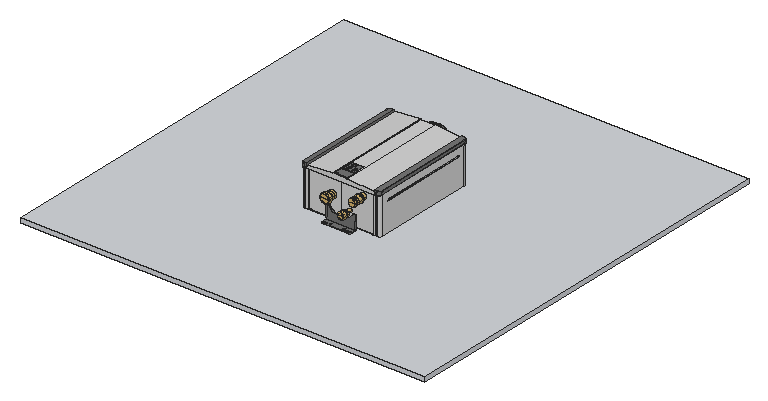
Revit family "Water_Heater-Rinnai-Ultra-Condensing-Tankless-RUC90i", category Mechanical Equipment, host Face, Revit 2012
Parameters (values of type "Standard")
  Width = 18 1/2"  # constant formula
  Wattage = 75 W
  Warranty URL = "https://www.rinnai.us/documentation/downloads/Ultra_Series_Warranty_English.pdf"
  Voltage = 120 V
  Venting = "Direct Vent system 3-4\" configurations"
  Unit = Metal - Rinnai - Aluminum Frame - Painted White
  URL = "https://rinnai.us/"
  Temperature Settings = "98° - 140° F"  # constant formula
  Subcategory = "Tankless Water Heaters"  # constant formula
  Spec Sheet URL = "https://www.rinnai.us/documentation/downloads/RUC90i-SP.pdf"
  Product Page URL = "https://rinnai.us/water-heater/product/ruc90i-reu-kbd2934ffud-us"
  Natural Gas = yes
  Model = "REU-KBD2934FFUD-US"  # constant formula
  Max Amperage = 8 A
  Manufacturer Phone - Toll Free = "800-621-9419"  # constant formula
  Manufacturer Phone = "800-621-9419"  # constant formula
  Manufacturer Fax = "678-829-1666"  # constant formula
  Manufacturer Email = "mailto:engineering@rinnai.us"
  Manufacturer Address = "103 International Drive, Peachtree City, GA 30269"  # constant formula
  Manufacturer = "Rinnai America Corporation"  # constant formula
  Liquid Propane = yes
  Interference = Glass - Rinnai - Clear - Amber
  Installation URL = "https://www.rinnai.us/documentation/downloads/100000367.pdf"
  Installation Location = "Indoor only"  # constant formula
  Ignition System = "Direct electronic ignition"  # constant formula
  Hot Water Connection = "Hot Water Connector"  # constant formula
  Height = 26"  # constant formula
  Panel = Metal - Rinnai - Aluminum Frame - Painted White
  Gas Supply Pressure Min = "4\" (NG); 8\" (Propane)"
  Gas Supply Pressure Max = "10.5\" (NG); 13.5\" (Propane)"
  Gas Manifold Pressure Low Fire = ".42\" (NG); .47\" (Propane)"
  Gas Manifold Pressure High Fire = "2.5\" (NG); 2.9\" (Propane)"
  Gas Input Rate = 180.0 Btu/h
  Gas Input Range = "15,200 - 180,000 BTU/h"  # constant formula
  Gas Connection = "Gas Connector"  # constant formula
  Frequency = 60 Hz
  Electrical Consumption Range = "Normal: 75 w, Standby: 2 w"  # constant formula
  Dry Weight = 61.70 lbf
  Description = "Tankless Water Heater"  # constant formula
  Depth = 10"  # constant formula
  Default Elevation = 48"
  Combustion Air = "Indoor"  # constant formula
  Combustibles = yes
  Cold Water Connection = "Cold Water Connector"  # constant formula
  Clearance for Top = 6"  # constant formula
  Clearance for Sides = 2"  # constant formula
  Clearance for Ground or Bottom = 12"  # constant formula
  Clearance for Front = 6"  # constant formula
  Cap = Metal - Rinnai - Aluminum - Polished Sliver
  Assembly Code = ""
  Applicable Altitude Range = "0-10,200ft (0-3,109m)"  # constant formula
  95 CSI = ""
  04 CSI = ""
Reference planes (in)
  plane 1 "Center (Front/Back)": y = 0
  plane 2: z = 0
  plane 3 "Center (Left/Right)": x = 0
  plane 4: y = 13
  plane 5: y = -13
  plane 6: x = -9.25
  plane 7: x = 9.25
  plane 8: z = 10.5501
  plane 9: z = 0.5501
  plane 10: y = -12.67027
Forms (in)
  Extrusion 1, solid
    sketch origin (0, 0, 0) x (1, 0, 0) y (0, 1, 0)
      loop
        line (-48, 48) -> (-48, -48) -> (48, -48) -> (48, 48) -> (-48, 48)
    from 0 to -1
  Sweep 2, solid, material "Glass - Rinnai - Clear - Amber" <- "Interference", not visible
    path origin (0, 0, 0) x (1, 0, 0) y (0, 1, 0)
      loop
        line (0, 19) -> (0, -25)
    profile origin (0, -3, 0) x (1, 0, 0) y (0, 0, 1)
      loop
        line (11.25, 16.72205) -> (-11.25, 16.72205) -> (-11.25, 0) -> (11.25, 0) -> (11.25, 16.72205)
Dimensions and locks (in)
  equal spacing: plane 6, plane 3 "Center (Left/Right)", plane 7
  "Width": plane 6 to plane 7
  equal spacing: plane 4, plane 1 "Center (Front/Back)", plane 5
  "Height": plane 4 to plane 5
  locked: level to plane 9 at 0.5501
  "Depth": plane 9 to plane 8
  aligned and locked: plane 2 to Extrusion 1
  aligned and locked: level to Extrusion 1
  aligned and locked: Sweep 2 sketch curve to plane 3 "Center (Left/Right)"
  aligned and locked: Sweep 2 sketch curve to Extrusion 1
  aligned and locked: plane 4 to nested 1
  aligned and locked: nested 1 to plane 2
  aligned and locked: nested 2 to plane 10
Automatic sketch dimensions
  Extrusion 1 sketch curve to Extrusion 1 sketch curve = 96"  (x2)
  plane 4 to Sweep 2 sketch curve = 6"
  plane 5 to Sweep 2 sketch curve = 12"
  profile plane to Sweep 2 sketch curve = 11 1/4"
  Sweep 2 sketch curve to profile plane = 11 1/4"
  Sweep 2 sketch curve to Sweep 2 sketch curve = 16.72205"
Nested families (in)
  nested 1: "Water Heater" at (-0.01433, 0.15, 0.59055), type "RUC90i"
  nested 2: "Pipes" at (0.375, -14.00885, 0), type "Pipes"
Connectors (in)
  piping at (5.07663, -15.93915, 7.82256), driven by "Gas Connection"
    settings: on nested 2, index 1, connector radius 0.8", flow factor 0, pipe flow 0.00 GPM, pressure drop 0.00 psi, fitting loss kfactor 0, connector angle 0.00°, fixture units 0, engagement length 0", flow configuration 0, flow direction 1, fitting loss method 0, system type 7, joint type 0, gender type 0, connector reference index -1, connector utility 1, adjustable connector no, is connector primary yes, fitting loss table "", connector description "Gas Connector"
  piping at (-2.19504, -14.95475, 5.73209), driven by "Cold Water Connection"
    settings: on nested 2, index 2, connector radius 1", flow factor 0, pipe flow 0.00 GPM, pressure drop 0.00 psi, fitting loss kfactor 0, connector angle 0.00°, fixture units 0, engagement length 0", flow configuration 0, flow direction 2, fitting loss method 0, system type 20, joint type 0, gender type 0, connector reference index -1, connector utility 1, adjustable connector no, is connector primary no, fitting loss table "", connector description "Cold Water Connector"
  piping at (2.02329, -15.52897, 3.75493), driven by "Hot Water Connection"
    settings: on nested 2, index 3, connector radius 0.7", flow factor 0, pipe flow 0.00 GPM, pressure drop 0.00 psi, fitting loss kfactor 0, connector angle 0.00°, fixture units 0, engagement length 0", flow configuration 0, flow direction 2, fitting loss method 0, system type 19, joint type 0, gender type 0, connector reference index -1, connector utility 1, adjustable connector no, is connector primary no, fitting loss table "", connector description "Hot Water Connector"
  piping at (-0.02414, 16.39706, 6.6882), driven by "Cold Water Connection"
    settings: on nested 1, index 4, connector radius 2", flow factor 0, pipe flow 0.00 GPM, pressure drop 0.00 psi, fitting loss kfactor 0, connector angle 0.00°, fixture units 0, engagement length 0", flow configuration 0, flow direction 1, fitting loss method 0, system type 20, joint type 0, gender type 0, connector reference index -1, connector utility 1, adjustable connector no, is connector primary no, fitting loss table "", connector description "Cold Water Connector"
Definition of nested family "Water Heater"
  Parameters (values of type "RUC98i")
    Unit = Metal - Rinnai - Aluminum Frame - Painted White
    Door = Metal - Rinnai - Aluminum - Polished Sliver
    Display = Metal - Rinnai - Aluminum Frame - Painted White
    Default Elevation = 48"
    Clamp = Metal - Rinnai - Aluminum Frame - Painted White
  Reference planes (in)
    plane 1 "Center (Front/Back)": y = 0
    plane 2: z = 0
    plane 3 "Center (Left/Right)": x = 0
    plane 4: y = 12.85
    plane 5: x = -9.25
    plane 6: x = 9.25
    plane 7: z = 10.1
    plane 8: z = 8.75945
    plane 9: z = -0.20842
    plane 10: z = 3.97008
    plane 11: x = 4.33
    plane 12: x = 1.17
    plane 13: z = 1.61008
    plane 14: x = -2.89
    plane 15: z = 3.20008
    plane 16: y = 15.52
    plane 17: x = 0
    plane 18: x = 5.09845
    plane 19: z = 7.0748
    plane 20: z = 2.99213
    plane 21: x = 2.10239
    plane 22: z = 5.00787
    plane 23: x = -2.12399
    plane 24: z = -0.59055
    plane 25: z = -0.15205
    plane 26: z = -0.59055
    plane 27: z = 2.71654
    plane 28: x = -3.49407
    plane 29: x = 3.46656
    plane 30: x = -3.49407
    plane 31: x = 3.46656
    plane 32: y = -13.15
    plane 33: z = 9.95876
  Forms (in)
    Extrusion 1, solid, material "Metal - Rinnai - Aluminum Frame - Painted White" <- "Unit", detail levels medium+fine
      sketch origin (0, 0, 0) x (1, 0, 0) y (0, 1, 0)
        loop
          arc (-8.5, 12.72578) -> (-9.03033, 12.50611) -> (-9.25, 11.97578) r 0.75
          line (-9.25, 11.97578) -> (-9.25, -12.07027)
          arc (-9.25, -12.07027) -> (-9.03033, -12.6006) -> (-8.5, -12.82027) r 0.75
          line (-8.5, -12.82027) -> (-7.75409, -12.82027)
          arc (-7.75409, -12.82027) -> (-7.72259, -12.78878) -> (-7.75409, -12.75728) r 0.0315
          line (-7.75409, -12.75728) -> (-8.33874, -12.75728)
          arc (-8.33874, -12.75728) -> (-8.86907, -12.53761) -> (-9.08874, -12.00728) r 0.75
          line (-9.08874, -12.00728) -> (-9.08874, 11.87342)
          arc (-9.08874, 11.87342) -> (-8.86907, 12.40375) -> (-8.33874, 12.62342) r 0.75
          line (-8.33874, 12.62342) -> (8.33874, 12.62342)
          arc (8.33874, 12.62342) -> (8.86907, 12.40375) -> (9.08874, 11.87342) r 0.75
          line (9.08874, 11.87342) -> (9.08874, -12.00728)
          arc (9.08874, -12.00728) -> (8.86907, -12.53761) -> (8.33874, -12.75728) r 0.75
          line (8.33874, -12.75728) -> (7.75409, -12.75728)
          arc (7.75409, -12.75728) -> (7.72259, -12.78878) -> (7.75409, -12.82027) r 0.0315
          line (7.75409, -12.82027) -> (8.5, -12.82027)
          arc (8.5, -12.82027) -> (9.03033, -12.6006) -> (9.25, -12.07027) r 0.75
          line (9.25, -12.07027) -> (9.25, 11.97578)
          arc (9.25, 11.97578) -> (9.03033, 12.50611) -> (8.5, 12.72578) r 0.75
          line (8.5, 12.72578) -> (-8.5, 12.72578)
      from -0.04045 to 8.98484
    Extrusion 2, solid, material "Metal - Rinnai - Aluminum Frame - Painted White" <- "Unit", detail levels medium+fine
      sketch origin (0, 0, 0) x (1, 0, 0) y (0, 1, 0)
        loop
          arc (-7.94561, -12.71791) -> (-7.96958, -12.73044) -> (-7.97296, -12.75728) r 0.02918
          line (-7.97296, -12.75728) -> (0.00974, -12.75728) -> (7.97296, -12.75728)
          arc (7.97296, -12.75728) -> (7.96958, -12.73044) -> (7.94561, -12.71791) r 0.02918
          line (7.94561, -12.71791) -> (-0.00497, -12.71791) -> (-7.94561, -12.71791)
      from 0 to 8.75945
    Sweep 3, solid, material "Metal - Rinnai - Aluminum Frame - Painted White" <- "Unit", detail levels medium+fine
      path origin (-19.30772, -180, -0.04045) x (-1, 0, 0) y (0, -1, 0)
        loop
          line (-27.06181, -167.17973) -> (-27.80772, -167.17973)
          arc (-27.80772, -167.17973) -> (-28.33805, -167.3994) -> (-28.55772, -167.92973) r 0.75
          line (-28.55772, -167.92973) -> (-28.55772, -191.97578)
          arc (-28.55772, -191.97578) -> (-28.33805, -192.50611) -> (-27.80772, -192.72578) r 0.75
          line (-27.80772, -192.72578) -> (-10.80772, -192.72578)
          arc (-10.80772, -192.72578) -> (-10.27739, -192.50611) -> (-10.05772, -191.97578) r 0.75
          line (-10.05772, -191.97578) -> (-10.05772, -167.92973)
          arc (-10.05772, -167.92973) -> (-10.27739, -167.3994) -> (-10.80772, -167.17973) r 0.75
          line (-10.80772, -167.17973) -> (-11.55363, -167.17973)
      profile origin (8.12705, -12.82027, -0.04045) x (0, 1, 0) y (0, 0, 1)
        loop
          arc (0, 0.0315) -> (0.00922, 0.00922) -> (0.0315, 0) r 0.0315
          line (0.0315, 0) -> (0.0315, 0.0315) -> (0, 0.0315)
    Extrusion 4, void, detail levels medium+fine
      sketch origin (0, 0, 0.23337) x (1, 0, 0) y (0, 0, 1)
        loop
          line (9.53125, 10.9934) -> (-9.53125, 10.9934) -> (-9.53125, 8.72022) -> (-8.09256, 8.72022) -> (-8.09256, 9.1595)
          arc (-8.09256, 9.1595) -> (-4.06175, 9.66364) -> (0, 9.72539) r 37.20967
          arc (0, 9.72539) -> (4.06175, 9.66364) -> (8.09256, 9.1595) r 37.20967
          line (8.09256, 9.1595) -> (8.09256, 8.72022) -> (9.53125, 8.72022) -> (9.53125, 10.9934)
      from -15.04938 to 15.10382
    Extrusion 5, solid, material "Metal - Rinnai - Aluminum Frame - Painted White" <- "Display", detail levels medium+fine
      sketch origin (0, 0, 0) x (1, 0, 0) y (0, 1, 0)
        loop
          line (8.58208, 12.85) -> (-8.63521, 12.85)
          arc (-8.63521, 12.85) -> (-9.06993, 12.66993) -> (-9.25, 12.23521) r 0.61479
          line (-9.25, 12.23521) -> (-9.25, -12.55655)
          arc (-9.25, -12.55655) -> (-9.07618, -12.97618) -> (-8.65655, -13.15) r 0.59345
          line (-8.65655, -13.15) -> (8.56688, -13.15)
          arc (8.56688, -13.15) -> (9.04992, -12.94992) -> (9.25, -12.46688) r 0.68312
          line (9.25, -12.46688) -> (9.25, 12.18208)
          arc (9.25, 12.18208) -> (9.05437, 12.65437) -> (8.58208, 12.85) r 0.66792
      from 8.75945 to 10.8032
    Extrusion 6, solid, material "Metal - Rinnai - Aluminum - Polished Sliver" <- "Door", detail levels medium+fine
      sketch origin (0, 0, 0) x (1, 0, 0) y (0, 1, 0)
        loop
          arc (-8.52756, 12.84217) -> (-9.05789, 12.6225) -> (-9.27756, 12.09217) r 0.75
          line (-9.27756, 12.09217) -> (-9.27756, -12.4)
          arc (-9.27756, -12.4) -> (-9.05789, -12.93033) -> (-8.52756, -13.15) r 0.75
          line (-8.52756, -13.15) -> (-8.09256, -13.15) -> (-8.09256, 12.84217) -> (-8.52756, 12.84217)
        loop
          line (8.52756, 12.84217) -> (8.09256, 12.84217) -> (8.09256, -13.15) -> (8.52756, -13.15)
          arc (8.52756, -13.15) -> (9.05789, -12.93033) -> (9.27756, -12.4) r 0.75
          line (9.27756, -12.4) -> (9.27756, 12.09217)
          arc (9.27756, 12.09217) -> (9.05789, 12.6225) -> (8.52756, 12.84217) r 0.75
      from 8.95359 to 9.96783
    Extrusion 7, solid, material "Metal - Rinnai - Aluminum Frame - Painted White" <- "Unit", detail levels coarse
      sketch origin (0, 0, 0) x (1, 0, 0) y (0, 1, 0)
        loop
          line (9.25, -14.56214) -> (9.25, 16.24706) -> (-9.25, 16.24706) -> (-9.25, -14.56214) -> (9.25, -14.56214)
      from -0.59055 to 9.95876
    Extrusion 8, solid, material "Metal - Rinnai - Aluminum Frame - Painted White" <- "Unit", detail levels medium+fine
      sketch origin (0, 0, 0) x (1, 0, 0) y (0, 1, 0)
        loop
          arc (-7.94561, -12.71791) -> (-7.96958, -12.73044) -> (-7.97296, -12.75728) r 0.02918
          line (-7.97296, -12.75728) -> (0.00974, -12.75728) -> (7.97296, -12.75728)
          arc (7.97296, -12.75728) -> (7.96958, -12.73044) -> (7.94561, -12.71791) r 0.02918
          line (7.94561, -12.71791) -> (-0.00497, -12.71791) -> (-7.94561, -12.71791)
      from 0 to 8.75945
    Extrusion 9, void
      sketch origin (0, 0, 0.15514) x (1, 0, 0) y (0, 0, 1)
        loop
          arc (1.60849, 9.74656) -> (1.69001, 9.75729) -> (1.76597, 9.78875) r 0.31496
          line (1.76597, 9.78875) -> (2.03915, 9.94647)
          arc (2.03915, 9.94647) -> (2.1341, 9.9858) -> (2.236, 9.99922) r 0.3937
          line (2.236, 9.99922) -> (2.236, 10.43872) -> (-2.23606, 10.43872) -> (-2.23606, 9.99922)
          arc (-2.23606, 9.99922) -> (-2.13416, 9.9858) -> (-2.0392, 9.94647) r 0.3937
          line (-2.0392, 9.94647) -> (-1.76603, 9.78875)
          arc (-1.76603, 9.78875) -> (-1.69007, 9.75729) -> (-1.60855, 9.74656) r 0.31496
          line (-1.60855, 9.74656) -> (1.60849, 9.74656)
      from -14.53617 to 14.5778
    Extrusion 10, solid, material "Metal - Rinnai - Aluminum Frame - Painted White" <- "Unit", detail levels medium+fine
      sketch origin (0, 0, 0) x (1, 0, 0) y (0, 1, 0)
        loop
          arc (-9.08874, -12.00728) -> (-8.86907, -12.53761) -> (-8.33874, -12.75728) r 0.75
          line (-8.33874, -12.75728) -> (-7.75409, -12.75728) -> (8.33874, -12.75728)
          arc (8.33874, -12.75728) -> (8.86907, -12.53761) -> (9.08874, -12.00728) r 0.75
          line (9.08874, -12.00728) -> (9.08874, 11.87342)
          arc (9.08874, 11.87342) -> (8.86907, 12.40375) -> (8.33874, 12.62342) r 0.75
          line (8.33874, 12.62342) -> (-8.33874, 12.62342)
          arc (-8.33874, 12.62342) -> (-8.86907, 12.40375) -> (-9.08874, 11.87342) r 0.75
          line (-9.08874, 11.87342) -> (-9.08874, -12.00728)
      from -0.01923 to 0
    Revolve 11, void
      sketch origin (9.3125, 0, 0) x (0, 1, 0) y (0, 0, 1)
        loop
          arc (10.67775, 6.82414) -> (10.62581, 6.97256) -> (10.48169, 7.03543) r 0.19661
          line (10.48169, 7.03543) -> (-10.77815, 7.03543)
          arc (-10.77815, 7.03543) -> (-10.92236, 6.97257) -> (-10.97447, 6.82414) r 0.19685
          line (-10.97447, 6.82414) -> (10.67775, 6.82414)
        axis (-10.97447, 6.82414) -> (10.67775, 6.82414)
      angle from 180 to -180
    Revolve 12, void
      sketch origin (-9.3125, 0, 0) x (0, 1, 0) y (0, 0, -1)
        loop
          line (10.67775, -6.82414) -> (-10.97447, -6.82414)
          arc (-10.97447, -6.82414) -> (-10.92236, -6.97257) -> (-10.77815, -7.03543) r 0.19685
          line (-10.77815, -7.03543) -> (10.48169, -7.03543)
          arc (10.48169, -7.03543) -> (10.62581, -6.97256) -> (10.67775, -6.82414) r 0.19661
        axis (-10.97447, -6.82414) -> (10.67775, -6.82414)
      angle from 180 to -180
    Extrusion 13, void
      sketch origin (0, 0, 0) x (1, 0, 0) y (0, 0, 1)
        loop
          line (8.09256, 9.80952) -> (8.09256, 8.95359) -> (9.26381, 8.95359) -> (9.26381, 9.56753)
          arc (9.26381, 9.56753) -> (9.24465, 9.61941) -> (9.19638, 9.64641) r 0.07985
          arc (9.19638, 9.64641) -> (8.64485, 9.73057) -> (8.09256, 9.80952) r 59.05511
        loop
          line (7.89256, 10.28429) -> (7.89256, 8.78484) -> (9.46381, 8.78484) -> (9.46381, 10.28429) -> (7.89256, 10.28429)
        loop
          arc (-8.09256, 9.81284) -> (-8.65523, 9.7325) -> (-9.21711, 9.64675) r 59.05517
          arc (-9.21711, 9.64675) -> (-9.26586, 9.61948) -> (-9.28521, 9.56708) r 0.08065
          line (-9.28521, 9.56708) -> (-9.28521, 8.95359) -> (-8.09256, 8.95359) -> (-8.09256, 9.81284)
        loop
          line (-7.9166, 10.28429) -> (-9.48785, 10.28429) -> (-9.48785, 8.78484) -> (-7.9166, 8.78484) -> (-7.9166, 10.28429)
      from -13.68838 to 17.90298
    Sweep 14, solid, material "Metal - Rinnai - Aluminum - Polished Sliver" <- "Door", detail levels medium+fine
      path origin (-13.16941, 14.83211, 50.52353) x (-1, 0, 0) y (0, 0, 1)
        loop
          circle (-13.15378, -44.53915) r 2.53
      profile origin (-0.01562, 14.83211, 3.45438) x (0, 0, -1) y (0, 1, 0)
        loop
          line (0.37891, -0.23622) -> (0.37891, -0.03937) -> (0.33954, 0) -> (0.16569, 0) -> (0.16569, -0.33502)
          arc (0.16569, -0.33502) -> (0.14814, -0.35064) -> (0.13195, -0.36767) r 0.2815
          arc (0.13195, -0.36767) -> (0.11933, -0.38713) -> (0.11491, -0.4099) r 0.06083
          line (0.11491, -0.4099) -> (0.11491, -1.95032) -> (-1.17806, -1.95032) -> (-1.17806, -0.4879)
          arc (-1.17806, -0.4879) -> (-1.06496, -0.34731) -> (-1.16611, -0.1979) r 0.15183
          line (-1.16611, -0.1979) -> (-0.96822, 0) -> (-1.21033, 0) -> (-1.21033, -1.98252) -> (0.34038, -1.98252)
          arc (0.34038, -1.98252) -> (0.31582, -1.95579) -> (0.30691, -1.9206) r 0.07401
          line (0.30691, -1.9206) -> (0.30691, -1.79773)
          arc (0.30691, -1.79773) -> (0.30167, -1.77782) -> (0.28731, -1.76308) r 0.04042
          line (0.28731, -1.76308) -> (0.1536, -1.68273)
          arc (0.1536, -1.68273) -> (0.1399, -1.66867) -> (0.13491, -1.6497) r 0.03854
          line (0.13491, -1.6497) -> (0.13491, -0.4099)
          arc (0.13491, -0.4099) -> (0.13796, -0.3944) -> (0.14666, -0.38123) r 0.04083
          arc (0.14666, -0.38123) -> (0.15771, -0.36931) -> (0.16948, -0.35809) r 0.2615
          arc (0.16948, -0.35809) -> (0.18137, -0.34116) -> (0.18569, -0.32093) r 0.05188
          line (0.18569, -0.32093) -> (0.18569, -0.23622) -> (0.37891, -0.23622)
    Extrusion 15, solid, material "Metal - Rinnai - Aluminum - Polished Sliver" <- "Door", detail levels medium+fine
      sketch origin (0, 0, 0.5625) x (1, 0, 0) y (0, 0, 1)
        loop
          circle (-0.01562, 5.48437) r 2.76047
      from -14.79274 to -12.85
    Revolve 16, solid, material "Metal - Rinnai - Aluminum - Polished Sliver" <- "Door", detail levels medium+fine
      sketch origin (0, 0, 6.09765) x (1, 0, 0) y (0, 1, 0)
        loop
          line (-1.83176, 16.24706) -> (-1.98816, 16.24706) -> (-1.98816, 14.94785) -> (-2.76607, 14.94785) -> (-2.76607, 14.86911) -> (-2.73103, 14.86911) -> (-2.73103, 14.83211) -> (-1.83176, 14.83211) -> (-1.83176, 16.24706)
        axis (-0.00981, 16.24706) -> (-0.00981, 14.83211)
      angle from 0 to 360
    Revolve 17, solid, material "Metal - Rinnai - Aluminum - Polished Sliver" <- "Door", detail levels medium+fine
      sketch origin (0, 0, 6.125) x (1, 0, 0) y (0, 1, 0)
        loop
          line (-5.91926, 14.07835) -> (-7.98619, 14.07835) -> (-7.98619, 13.99961) -> (-7.89841, 13.99961) -> (-7.89841, 13.01817) -> (-5.91926, 13.01817) -> (-5.91926, 14.07835)
        axis (-5.91926, 14.07835) -> (-5.91926, 13.01817)
      angle from 0 to 360
    Extrusion 18, solid, material "Metal - Rinnai - Aluminum - Polished Sliver" <- "Door", detail levels medium+fine
      sketch origin (0, 0, 0) x (1, 0, 0) y (0, 0, 1)
        loop
          line (-4.80706, 8.4142) -> (-7.03147, 8.4142)
          arc (-7.03147, 8.4142) -> (-7.91535, 8.04808) -> (-8.28147, 7.1642) r 1.25
          line (-8.28147, 7.1642) -> (-8.28147, 4.93979)
          arc (-8.28147, 4.93979) -> (-7.91535, 4.05591) -> (-7.03147, 3.68979) r 1.25
          line (-7.03147, 3.68979) -> (-4.80706, 3.68979)
          arc (-4.80706, 3.68979) -> (-3.92318, 4.05591) -> (-3.55706, 4.93979) r 1.25
          line (-3.55706, 4.93979) -> (-3.55706, 7.1642)
          arc (-3.55706, 7.1642) -> (-3.92318, 8.04808) -> (-4.80706, 8.4142) r 1.25
      from -13.01929 to -12.85
    Extrusion 19, solid, material "Metal - Rinnai - Aluminum - Polished Sliver" <- "Door", detail levels medium+fine
      sketch origin (0, 0, 0) x (1, 0, 0) y (0, 0, 1)
        loop
          arc (-1.21257, 9.00081) -> (-2.45001, 8.48825) -> (-2.96257, 7.25081) r 1.75
          line (-2.96257, 7.25081) -> (-2.96257, 4.8453)
          arc (-2.96257, 4.8453) -> (-2.45001, 3.60786) -> (-1.21257, 3.0953) r 1.75
          line (-1.21257, 3.0953) -> (1.19294, 3.0953)
          arc (1.19294, 3.0953) -> (2.43038, 3.60786) -> (2.94294, 4.8453) r 1.75
          line (2.94294, 4.8453) -> (2.94294, 7.25081)
          arc (2.94294, 7.25081) -> (2.43038, 8.48825) -> (1.19294, 9.00081) r 1.75
          line (1.19294, 9.00081) -> (-1.21257, 9.00081)
      from -13.07589 to -12.85
    Extrusion 20, solid, material "Metal - Rinnai - Aluminum - Polished Sliver" <- "Door", detail levels fine
      sketch origin (0, 0, -0.38213) x (1, 0, 0) y (0, 1, 0)
        loop
          arc (3.16143, -14.56214) -> (3.37644, -14.47309) -> (3.4655, -14.25808) r 0.30406
          line (3.4655, -14.25808) -> (3.4655, -12.96102) -> (-3.49587, -12.96102) -> (-3.49587, -14.26214)
          arc (-3.49587, -14.26214) -> (-3.408, -14.47428) -> (-3.19587, -14.56214) r 0.3
          line (-3.19587, -14.56214) -> (3.16143, -14.56214)
        loop
          circle (-1.59298, -13.97618) r 0.25
        loop
          circle (1.5508, -13.97618) r 0.25
        loop
          line (-2.3676, -14.17829) -> (-2.78179, -14.17829)
          arc (-2.78179, -14.17829) -> (-2.88969, -14.28619) -> (-2.78179, -14.3941) r 0.10791
          line (-2.78179, -14.3941) -> (-2.3676, -14.3941)
          arc (-2.3676, -14.3941) -> (-2.2597, -14.28619) -> (-2.3676, -14.17829) r 0.10791
        loop
          line (2.75077, -14.17829) -> (2.33658, -14.17829)
          arc (2.33658, -14.17829) -> (2.22868, -14.28619) -> (2.33658, -14.3941) r 0.10791
          line (2.33658, -14.3941) -> (2.75077, -14.3941)
          arc (2.75077, -14.3941) -> (2.85867, -14.28619) -> (2.75077, -14.17829) r 0.10791
        loop
          line (-3.27923, -14.1083) -> (-3.27923, -14.18773)
          arc (-3.27923, -14.18773) -> (-3.16209, -14.30487) -> (-3.04495, -14.18773) r 0.11714
          line (-3.04495, -14.18773) -> (-3.04495, -14.1083)
          arc (-3.04495, -14.1083) -> (-3.16209, -13.99116) -> (-3.27923, -14.1083) r 0.11714
        loop
          line (3.01764, -14.1083) -> (3.01764, -14.18773)
          arc (3.01764, -14.18773) -> (3.13478, -14.30487) -> (3.25192, -14.18773) r 0.11714
          line (3.25192, -14.18773) -> (3.25192, -14.1083)
          arc (3.25192, -14.1083) -> (3.13478, -13.99116) -> (3.01764, -14.1083) r 0.11714
      from -0.20842 to -0.15205
    Extrusion 21, solid, material "Metal - Rinnai - Aluminum - Polished Sliver" <- "Door", detail levels fine
      sketch origin (0, 0, -0.38213) x (1, 0, 0) y (0, 0, 1)
        loop
          line (-3.49407, 2.92296) -> (-3.49407, -0.15205) -> (3.46656, -0.15205) -> (3.46656, 2.92867)
          arc (3.46656, 2.92867) -> (3.4351, 3.00463) -> (3.35914, 3.03609) r 0.10742
          line (3.35914, 3.03609) -> (2.88285, 3.03609)
          arc (2.88285, 3.03609) -> (2.78786, 3.01065) -> (2.71831, 2.94112) r 0.19
          arc (2.71831, 2.94112) -> (-0.01202, 1.36468) -> (-2.74289, 2.94019) r 3.15356
          arc (-2.74289, 2.94019) -> (-2.81314, 3.0104) -> (-2.90908, 3.03609) r 0.19195
          line (-2.90908, 3.03609) -> (-3.38094, 3.03609)
          arc (-3.38094, 3.03609) -> (-3.46093, 3.00296) -> (-3.49407, 2.92296) r 0.11313
      from 12.81977 to 12.96102
    Extrusion 22, solid, material "Metal - Rinnai - Aluminum - Polished Sliver" <- "Door", detail levels fine
      sketch origin (0, 0, -0.38213) x (0, 1, 0) y (0, 0, 1)
        loop
          line (-12.89803, 0.24165) -> (-12.89803, 1.71409) -> (-13.05411, 1.71409)
          arc (-13.05411, 1.71409) -> (-13.13862, 1.67908) -> (-13.17362, 1.59457) r 0.11952
          line (-13.17362, 1.59457) -> (-13.17362, 0.36212)
          arc (-13.17362, 0.36212) -> (-13.13834, 0.27693) -> (-13.05315, 0.24165) r 0.12047
          line (-13.05315, 0.24165) -> (-12.89803, 0.24165)
      from 3.46656 to 3.52956
    Extrusion 23, solid, material "Metal - Rinnai - Aluminum - Polished Sliver" <- "Door", detail levels fine
      sketch origin (0, 0, -0.38213) x (0, 1, 0) y (0, 0, 1)
        loop
          line (-12.89803, 0.24165) -> (-12.89803, 2.74304) -> (-13.05362, 2.74304)
          arc (-13.05362, 2.74304) -> (-13.13847, 2.7079) -> (-13.17362, 2.62304) r 0.12
          line (-13.17362, 2.62304) -> (-13.17362, 0.36212)
          arc (-13.17362, 0.36212) -> (-13.13834, 0.27693) -> (-13.05315, 0.24165) r 0.12047
          line (-13.05315, 0.24165) -> (-12.89803, 0.24165)
      from -3.55706 to -3.49407
    Extrusion 24, solid, material "Metal - Rinnai - Aluminum - Polished Sliver" <- "Door", detail levels fine
      sketch origin (0, -0.07813, -0.38213) x (1, 0, 0) y (0, 1, 0)
        loop
          line (3.16143, 14.27598) -> (-3.19587, 14.27598)
          arc (-3.19587, 14.27598) -> (-3.408, 14.18812) -> (-3.49587, 13.97598) r 0.3
          line (-3.49587, 13.97598) -> (-3.49587, 12.80391) -> (3.4655, 12.80391) -> (3.4655, 13.97192)
          arc (3.4655, 13.97192) -> (3.37644, 14.18693) -> (3.16143, 14.27598) r 0.30406
        loop
          circle (-1.59298, 13.69002) r 0.25
        loop
          circle (1.5508, 13.69002) r 0.25
        loop
          arc (-2.3676, 13.89213) -> (-2.2597, 14.00003) -> (-2.3676, 14.10794) r 0.10791
          line (-2.3676, 14.10794) -> (-2.78179, 14.10794)
          arc (-2.78179, 14.10794) -> (-2.88969, 14.00003) -> (-2.78179, 13.89213) r 0.10791
          line (-2.78179, 13.89213) -> (-2.3676, 13.89213)
        loop
          arc (2.75077, 13.89213) -> (2.85867, 14.00003) -> (2.75077, 14.10794) r 0.10791
          line (2.75077, 14.10794) -> (2.33658, 14.10794)
          arc (2.33658, 14.10794) -> (2.22868, 14.00003) -> (2.33658, 13.89213) r 0.10791
          line (2.33658, 13.89213) -> (2.75077, 13.89213)
        loop
          arc (-3.27923, 13.82214) -> (-3.16209, 13.705) -> (-3.04495, 13.82214) r 0.11714
          line (-3.04495, 13.82214) -> (-3.04495, 13.90157)
          arc (-3.04495, 13.90157) -> (-3.16209, 14.01871) -> (-3.27923, 13.90157) r 0.11714
          line (-3.27923, 13.90157) -> (-3.27923, 13.82214)
        loop
          arc (3.01764, 13.82214) -> (3.13478, 13.705) -> (3.25192, 13.82214) r 0.11714
          line (3.25192, 13.82214) -> (3.25192, 13.90157)
          arc (3.25192, 13.90157) -> (3.13478, 14.01871) -> (3.01764, 13.90157) r 0.11714
          line (3.01764, 13.90157) -> (3.01764, 13.82214)
      from -0.20842 to -0.15205
    Extrusion 25, solid, material "Metal - Rinnai - Aluminum - Polished Sliver" <- "Door", detail levels fine
      sketch origin (0, -0.07813, -0.38213) x (1, 0, 0) y (0, 0, -1)
        loop
          arc (-3.49407, -2.92296) -> (-3.46093, -3.00296) -> (-3.38094, -3.03609) r 0.11313
          line (-3.38094, -3.03609) -> (-2.90908, -3.03609)
          arc (-2.90908, -3.03609) -> (-2.81314, -3.0104) -> (-2.74289, -2.94019) r 0.19195
          arc (-2.74289, -2.94019) -> (-0.01202, -1.36468) -> (2.71831, -2.94112) r 3.15356
          arc (2.71831, -2.94112) -> (2.78786, -3.01065) -> (2.88285, -3.03609) r 0.19
          line (2.88285, -3.03609) -> (3.35914, -3.03609)
          arc (3.35914, -3.03609) -> (3.4351, -3.00463) -> (3.46656, -2.92867) r 0.10742
          line (3.46656, -2.92867) -> (3.46656, 0.15205) -> (-3.49407, 0.15205) -> (-3.49407, -2.92296)
      from 12.81977 to 12.96102
    Extrusion 26, solid, material "Metal - Rinnai - Aluminum - Polished Sliver" <- "Door", detail levels fine
      sketch origin (0, -0.07813, -0.38213) x (0, -1, 0) y (0, 0, -1)
        loop
          line (-12.89803, -0.24165) -> (-13.05315, -0.24165)
          arc (-13.05315, -0.24165) -> (-13.13834, -0.27693) -> (-13.17362, -0.36212) r 0.12047
          line (-13.17362, -0.36212) -> (-13.17362, -1.59457)
          arc (-13.17362, -1.59457) -> (-13.13862, -1.67908) -> (-13.05411, -1.71409) r 0.11952
          line (-13.05411, -1.71409) -> (-12.89803, -1.71409) -> (-12.89803, -0.24165)
      from 3.46656 to 3.52956
    Extrusion 27, solid, material "Metal - Rinnai - Aluminum - Polished Sliver" <- "Door", detail levels fine
      sketch origin (0, -0.07813, -0.38213) x (0, -1, 0) y (0, 0, -1)
        loop
          line (-12.89803, -0.24165) -> (-13.05315, -0.24165)
          arc (-13.05315, -0.24165) -> (-13.13834, -0.27693) -> (-13.17362, -0.36212) r 0.12047
          line (-13.17362, -0.36212) -> (-13.17362, -2.62304)
          arc (-13.17362, -2.62304) -> (-13.13847, -2.7079) -> (-13.05362, -2.74304) r 0.12
          line (-13.05362, -2.74304) -> (-12.89803, -2.74304) -> (-12.89803, -0.24165)
      from -3.55706 to -3.49407
    Extrusion 28, solid, material "Metal - Rinnai - Aluminum - Polished Sliver" <- "Door", detail levels fine
      sketch origin (0, 0, -0.19831) x (1, 0, 0) y (0, 1, 0)
        loop
          arc (-1.42723, -10.7438) -> (-1.46966, -10.76138) -> (-1.48723, -10.8038) r 0.06
          line (-1.48723, -10.8038) -> (-1.48723, -12.5588)
          arc (-1.48723, -12.5588) -> (-1.46966, -12.60123) -> (-1.42723, -12.6188) r 0.06
          line (-1.42723, -12.6188) -> (1.55033, -12.6188)
          arc (1.55033, -12.6188) -> (1.59275, -12.60123) -> (1.61033, -12.5588) r 0.06
          line (1.61033, -12.5588) -> (1.61033, -10.8038)
          arc (1.61033, -10.8038) -> (1.59275, -10.76138) -> (1.55033, -10.7438) r 0.06
          line (1.55033, -10.7438) -> (-1.42723, -10.7438)
      from 10.1 to 10.11749
    Extrusion 29, solid, material "Metal - Rinnai - Aluminum - Polished Sliver" <- "Door", detail levels fine
      sketch origin (0.00084, -0.00258, -0.19831) x (1, 0, 0) y (0, 1, 0)
        loop
          line (1.32811, -7.7622) -> (-1.29535, -7.7622)
          arc (-1.29535, -7.7622) -> (-1.33885, -7.78022) -> (-1.35686, -7.82371) r 0.06151
          line (-1.35686, -7.82371) -> (-1.35686, -10.61953)
          arc (-1.35686, -10.61953) -> (-1.33929, -10.66195) -> (-1.29686, -10.67953) r 0.06
          line (-1.29686, -10.67953) -> (1.32811, -10.67953)
          arc (1.32811, -10.67953) -> (1.37054, -10.66195) -> (1.38811, -10.61953) r 0.06
          line (1.38811, -10.61953) -> (1.38811, -7.8222)
          arc (1.38811, -7.8222) -> (1.37054, -7.77978) -> (1.32811, -7.7622) r 0.06
      from 10.1 to 10.11749
    Extrusion 30, solid, material "Metal - Rinnai - Aluminum - Polished Sliver" <- "Door", detail levels fine
      sketch origin (0.00084, -0.00258, -0.19831) x (1, 0, 0) y (0, 1, 0)
        loop
          arc (-0.92066, -8.05945) -> (-0.9456, -8.06978) -> (-0.95593, -8.09472) r 0.03527
          line (-0.95593, -8.09472) -> (-0.95593, -8.55363)
          arc (-0.95593, -8.55363) -> (-0.94421, -8.58191) -> (-0.91593, -8.59363) r 0.04
          line (-0.91593, -8.59363) -> (-0.09049, -8.59363)
          arc (-0.09049, -8.59363) -> (-0.06221, -8.58191) -> (-0.05049, -8.55363) r 0.04
          line (-0.05049, -8.55363) -> (-0.05049, -8.09945)
          arc (-0.05049, -8.09945) -> (-0.06221, -8.07116) -> (-0.09049, -8.05945) r 0.04
          line (-0.09049, -8.05945) -> (-0.92066, -8.05945)
        loop
          circle (-0.62666, -9.44903) r 0.25
        loop
          circle (-0.62666, -10.15775) r 0.25
        loop
          circle (0.68748, -10.15775) r 0.25
        loop
          circle (0.68748, -9.45117) r 0.25
      from 10.11749 to 10.12686
  Cuts and joins
    Extrusion 4, Extrusion 9 cuts Extrusion 5
    Extrusion 13 cuts Extrusion 6
    Revolve 11, Revolve 12 cuts Extrusion 1
    Revolve 11, Revolve 12 cuts Sweep 3
    Revolve 11, Revolve 12 cuts Extrusion 10
    joined: Extrusion 1, Sweep 3, Extrusion 10
  Lines and regions (in)
    Masking region 1, detail levels medium+fine
      outline origin (0, 0, 0) x (1, 0, 0) y (0, 1, 0)
        loop
          line (-1.98816, 16.24706) -> (-1.98816, 14.94785) -> (-2.76607, 14.94785) -> (-2.76607, 14.86911) -> (-2.73103, 14.86911) -> (-2.73103, 14.83211) -> (-2.88516, 14.83211) -> (-2.92453, 14.79274) -> (-2.92453, 14.59589) -> (-2.77584, 14.59589) -> (-2.77584, 13.10285) -> (-2.82252, 13.07589) -> (-2.96257, 13.07589) -> (-2.96257, 12.85) -> (-3.55706, 12.85) -> (-3.55706, 13.01929) -> (-3.94024, 13.01929) -> (-3.94024, 13.99961) -> (-3.85233, 13.99961) -> (-3.85233, 14.07835) -> (-7.98619, 14.07835) -> (-7.98619, 13.99961) -> (-7.89841, 13.99961) -> (-7.89841, 13.01817) -> (-8.28664, 13.01817) -> (-8.28664, 12.84217) -> (-8.52756, 12.84217)
          arc (-8.52756, 12.84217) -> (-9.00467, 12.67084) -> (-9.26381, 12.23514) r 0.75
          line (-9.26381, 12.23514) -> (-9.26381, -12.54296)
          arc (-9.26381, -12.54296) -> (-9.00467, -12.97867) -> (-8.52756, -13.15) r 0.75
          line (-8.52756, -13.15) -> (8.52756, -13.15)
          arc (8.52756, -13.15) -> (9.00467, -12.97867) -> (9.26381, -12.54296) r 0.75
          line (9.26381, -12.54296) -> (9.26381, 12.16566)
          arc (9.26381, 12.16566) -> (9.06337, 12.64956) -> (8.57946, 12.85) r 0.68434
          line (8.57946, 12.85) -> (2.94304, 12.85) -> (2.94304, 13.07589) -> (2.79127, 13.07589) -> (2.74459, 13.10285) -> (2.74459, 14.59589) -> (2.89328, 14.59589) -> (2.89328, 14.79274) -> (2.85391, 14.83211) -> (2.7115, 14.83211) -> (2.7115, 14.86911) -> (2.74654, 14.86911) -> (2.74654, 14.94785) -> (1.96863, 14.94785) -> (1.96863, 16.24706) -> (-1.98816, 16.24706)
    Masking region 2, detail levels coarse
      outline origin (0, 0, 0) x (1, 0, 0) y (0, 0, 1)
        loop
          line (9.25, 9.95876) -> (-9.25, 9.95876) -> (-9.25, -0.59055) -> (9.25, -0.59055) -> (9.25, 9.95876)
    Masking region 3, detail levels medium+fine
      outline origin (0, 0, 0) x (1, 0, 0) y (0, 0, 1)
        loop
          line (8.09256, 9.80952) -> (8.09256, 9.39287)
          arc (8.09256, 9.39287) -> (4.97809, 9.82155) -> (1.83855, 9.98579) r 37.20967
          line (1.83855, 9.98579) -> (1.76597, 9.94389)
          arc (1.76597, 9.94389) -> (1.69001, 9.91242) -> (1.60849, 9.90169) r 0.31496
          line (1.60849, 9.90169) -> (-1.60849, 9.90169)
          arc (-1.60849, 9.90169) -> (-1.69001, 9.91242) -> (-1.76597, 9.94389) r 0.31496
          line (-1.76597, 9.94389) -> (-1.83855, 9.98579)
          arc (-1.83855, 9.98579) -> (-4.97809, 9.82155) -> (-8.09256, 9.39287) r 37.20967
          line (-8.09256, 9.39287) -> (-8.09256, 9.80952)
          arc (-8.09256, 9.80952) -> (-8.64485, 9.73057) -> (-9.19638, 9.64641) r 59.05511
          arc (-9.19638, 9.64641) -> (-9.24465, 9.61941) -> (-9.26381, 9.56753) r 0.07985
          line (-9.26381, 9.56753) -> (-9.26381, 8.98484) -> (-8.72984, 8.98484) -> (-8.78397, 8.95359) -> (-9.25, 8.95359) -> (-9.25, -0.04045) -> (-3.55706, -0.04045) -> (-3.55706, -0.14048) -> (-3.49407, -0.14048) -> (-3.49407, -0.5884) -> (3.46744, -0.5884) -> (3.46744, -0.14019) -> (3.52876, -0.14019) -> (3.52876, -0.04046) -> (9.25046, -0.04046) -> (9.25046, 8.95359) -> (8.78397, 8.95359) -> (8.72984, 8.98484) -> (9.26381, 8.98484) -> (9.26381, 9.56753)
          arc (9.26381, 9.56753) -> (9.24465, 9.61941) -> (9.19638, 9.64641) r 0.07985
          arc (9.19638, 9.64641) -> (8.64485, 9.73057) -> (8.09256, 9.80952) r 59.05511
    Masking region 4, detail levels coarse
      outline origin (0, 0, 0) x (0, 1, 0) y (0, 0, 1)
        loop
          line (16.24706, 9.95876) -> (-14.56214, 9.95876) -> (-14.56214, -0.59055) -> (16.24706, -0.59055) -> (16.24706, 9.95876)
    Masking region 5, detail levels medium+fine
      outline origin (0, 0, 0) x (0, 1, 0) y (0, 0, 1)
        loop
          line (-13.55116, 9.95876) -> (-13.55116, 8.75945) -> (-12.81978, 8.75945) -> (-12.81978, -0.04124) -> (12.72712, -0.04124) -> (12.72712, 3.0953) -> (13.07589, 3.0953) -> (13.07589, 3.17619) -> (13.14382, 3.28489) -> (14.47402, 3.28489) -> (14.51118, 3.26869) -> (14.59589, 3.26869) -> (14.59589, 3.07547) -> (14.79274, 3.07547) -> (14.83211, 3.11484) -> (14.83211, 3.37643) -> (14.86911, 3.37643) -> (14.86911, 3.34139) -> (14.94785, 3.34139) -> (14.94785, 4.1193) -> (16.24706, 4.1193) -> (16.24706, 8.07599) -> (14.94785, 8.07599) -> (14.94785, 8.85391) -> (14.86911, 8.85391) -> (14.86911, 8.81886) -> (14.83211, 8.81886) -> (14.83211, 8.85391) -> (14.79274, 8.89328) -> (14.59589, 8.89328) -> (14.59589, 8.80762) -> (13.07589, 8.80762) -> (13.07589, 9.00081) -> (12.85, 9.00081) -> (12.85, 9.95876) -> (-13.55116, 9.95876)
    Masking region 6, detail levels coarse
      outline origin (0, 0, 0) x (1, 0, 0) y (0, 1, 0)
        loop
          line (9.25, 16.24706) -> (-9.25, 16.24706) -> (-9.25, -14.56214) -> (9.25, -14.56214) -> (9.25, 16.24706)
    symbolic lines, style "Water Heater", detail levels medium+fine
      curve 1: line (-8.33583, -13.15, 0) -> (-8.33583, 12.84217, 0)
      curve 2: line (8.33583, 12.84217, 0) -> (8.33583, -13.15, 0)
      curve 3: line (-2.23606, 12.85, 0) -> (-2.23606, -13.15, 0)
      curve 4: line (2.236, -13.15, 0) -> (2.236, 12.85, 0)
      curve 5: line (-7.89841, 13.99961, 0) -> (-3.94012, 13.99961, 0)
      curve 6: line (-7.89841, 13.01817, 0) -> (-3.94012, 13.01817, 0)
      curve 7: line (-1.98816, 14.94785, 0) -> (1.96853, 14.94785, 0)
      curve 8: line (-2.73103, 14.86911, 0) -> (2.7114, 14.86911, 0)
      curve 9: line (-2.73103, 14.83211, 0) -> (2.7114, 14.83211, 0)
      curve 10: line (-2.92453, 14.79274, 0) -> (2.89328, 14.79274, 0)
      curve 11: line (-2.78, 14.59589, 0) -> (2.74306, 14.59589, 0)
      curve 12: line (-2.81917, 13.07589, 0) -> (2.78816, 13.07589, 0)
      curve 13: line (-3.55706, 12.85, 0) -> (2.94294, 12.85, 0)
      curve 67: line (-8.72955, 0, 8.98501) -> (-8.09256, 0, 9.35278)
      curve 68: arc (-8.09256, 0, 9.50437) -> (-8.15825, 0, 9.55133) -> (-8.22104, 0, 9.60208) r 1.36561
      curve 69: arc (-8.22104, 0, 9.60208) -> (-8.24504, 0, 9.63988) -> (-8.24389, 0, 9.68465) r 0.07682
      curve 70: arc (-8.24389, 0, 9.68465) -> (-8.1703, 0, 9.6231) -> (-8.09256, 0, 9.56687) r 1.36561
      curve 71: line (-8.09256, 0, 9.35278) -> (-8.09256, 0, 9.56687)
      curve 72: arc (8.27098, 0, 9.70963) -> (8.2813, 0, 9.67474) -> (8.26549, 0, 9.64196) r 0.05052
      curve 73: line (8.09256, 0, 9.56687) -> (8.09256, 0, 9.35278)
      curve 74: line (8.09256, 0, 9.35278) -> (8.72984, 0, 8.98484)
      curve 75: arc (8.26549, 0, 9.64196) -> (8.18181, 0, 9.56966) -> (8.09256, 0, 9.50437) r 1.36561
      curve 76: arc (8.09256, 0, 9.56687) -> (8.18476, 0, 9.63451) -> (8.27098, 0, 9.70963) r 1.36561
      curve 77: line (-9.25, 0, 8.75945) -> (9.25, 0, 8.75945)
      curve 78: line (-7.72433, 0, 8.75945) -> (-7.72433, 0, -0.04045)
      curve 79: line (7.72206, 0, 8.75945) -> (7.72206, 0, -0.04045)
      curve 100: line (0, 14.94785, 8.07599) -> (0, 14.94785, 4.1193)
      curve 101: line (0, 14.86911, 8.81886) -> (0, 14.86911, 3.34139)
      curve 102: line (0, 14.83211, 3.37643) -> (0, 14.83211, 8.81886)
      curve 103: line (0, 14.79274, 8.89328) -> (0, 14.79274, 3.07547)
      curve 104: line (0, 14.59589, 8.81886) -> (0, 14.59589, 3.26869)
      curve 105: line (0, 14.07835, 6.125) -> (0, 14.07835, 4.05807)
      curve 106: line (0, 13.99961, 6.125) -> (0, 13.99961, 4.05807)
      curve 107: line (0, 14.07835, 4.05807) -> (0, 13.99961, 4.05807)
      curve 108: line (0, 13.99961, 4.1478) -> (0, 13.01929, 4.1478)
      curve 109: line (0, 14.07835, 8.19193) -> (0, 14.07835, 6.125)
      curve 110: line (0, 13.99961, 8.19193) -> (0, 13.99961, 6.125)
      curve 111: line (0, 14.07835, 8.19193) -> (0, 13.99961, 8.19193)
      curve 112: line (0, 13.99961, 8.10444) -> (0, 13.01929, 8.10444)
      curve 113: line (0, 13.07589, 8.81886) -> (0, 13.07589, 8.10444)
      curve 114: line (0, 12.85, 8.4142) -> (0, 13.01929, 8.4142)
      curve 115: line (0, 13.01929, 8.4142) -> (0, 13.01929, 3.68979)
      curve 116: line (0, 13.01929, 3.68979) -> (0, 12.85, 3.68979)
      curve 117: line (0, 13.07589, 4.1478) -> (0, 13.07589, 3.17448)
      curve 118: line (0, 12.85, 3.0953) -> (0, 12.85, 8.75945)
      curve 147: line (0, -13.55116, 8.75945) -> (0, 12.85, 8.75945)
    symbolic lines, style "Water Heater", detail levels fine
      curve 14: line (1.55033, -10.7438, 0) -> (-1.42723, -10.7438, 0)
      curve 15: arc (-1.42723, -10.7438, 0) -> (-1.46966, -10.76138, 0) -> (-1.48723, -10.8038, 0) r 0.06
      curve 16: line (-1.48723, -10.8038, 0) -> (-1.48723, -12.5588, 0)
      curve 17: arc (-1.48723, -12.5588, 0) -> (-1.46966, -12.60123, 0) -> (-1.42723, -12.6188, 0) r 0.06
      curve 18: line (-1.42723, -12.6188, 0) -> (1.55033, -12.6188, 0)
      curve 19: arc (1.55033, -12.6188, 0) -> (1.59275, -12.60123, 0) -> (1.61033, -12.5588, 0) r 0.06
      curve 20: line (1.61033, -12.5588, 0) -> (1.61033, -10.8038, 0)
      curve 21: arc (1.61033, -10.8038, 0) -> (1.59275, -10.76138, 0) -> (1.55033, -10.7438, 0) r 0.06
      curve 22: line (-3.19587, -14.56214, 0) -> (3.16143, -14.56214, 0)
      curve 23: arc (-3.49587, -14.26214, 0) -> (-3.408, -14.47428, 0) -> (-3.19587, -14.56214, 0) r 0.3
      curve 24: line (-3.49587, -13.13485, 0) -> (-3.49587, -14.26214, 0)
      curve 25: line (3.4655, -14.25808, 0) -> (3.4655, -13.14798, 0)
      curve 26: arc (-3.27923, -14.1083, 0) -> (-3.16209, -13.99116, 0) -> (-3.04495, -14.1083, 0) r 0.11714
      curve 27: line (-3.27923, -14.18773, 0) -> (-3.27923, -14.1083, 0)
      curve 28: arc (-3.04495, -14.18773, 0) -> (-3.16209, -14.30487, 0) -> (-3.27923, -14.18773, 0) r 0.11714
      curve 29: line (-3.04495, -14.1083, 0) -> (-3.04495, -14.18773, 0)
      curve 30: line (-2.78179, -14.17829, 0) -> (-2.3676, -14.17829, 0)
      curve 31: arc (-2.78179, -14.3941, 0) -> (-2.88969, -14.28619, 0) -> (-2.78179, -14.17829, 0) r 0.10791
      curve 32: line (-2.3676, -14.3941, 0) -> (-2.78179, -14.3941, 0)
      curve 33: arc (-2.3676, -14.17829, 0) -> (-2.2597, -14.28619, 0) -> (-2.3676, -14.3941, 0) r 0.10791
      curve 34: circle (-1.59298, -13.97618, 0) r 0.25 normal (0, 0, -1)
      curve 35: circle (1.5508, -13.97618, 0) r 0.25 normal (0, 0, -1)
      curve 36: line (2.33658, -14.17829, 0) -> (2.75077, -14.17829, 0)
      curve 37: arc (2.33658, -14.3941, 0) -> (2.22868, -14.28619, 0) -> (2.33658, -14.17829, 0) r 0.10791
      curve 38: line (2.75077, -14.3941, 0) -> (2.33658, -14.3941, 0)
      curve 39: arc (2.75077, -14.17829, 0) -> (2.85867, -14.28619, 0) -> (2.75077, -14.3941, 0) r 0.10791
      curve 40: arc (3.25192, -14.18773, 0) -> (3.13478, -14.30487, 0) -> (3.01764, -14.18773, 0) r 0.11714
      curve 41: arc (3.01764, -14.1083, 0) -> (3.13478, -13.99116, 0) -> (3.25192, -14.1083, 0) r 0.11714
      curve 42: line (3.01764, -14.18773, 0) -> (3.01764, -14.1083, 0)
      curve 43: line (3.25192, -14.1083, 0) -> (3.25192, -14.18773, 0)
      curve 44: line (-3.19587, 14.19786, 0) -> (-2.7764, 14.19786, 0)
      curve 45: arc (-3.19587, 14.19786, 0) -> (-3.408, 14.10999, 0) -> (-3.49587, 13.89786, 0) r 0.3
      curve 46: line (-3.49587, 13.89786, 0) -> (-3.49587, 12.85, 0)
      curve 47: line (-3.55706, 13.0955, 0) -> (-3.49587, 13.0955, 0)
      curve 48: line (-3.55706, 13.0955, 0) -> (-3.55706, 13.01929, 0)
      curve 49: line (-3.49587, 12.8829, 0) -> (-2.96052, 12.8829, 0)
      curve 50: arc (-3.27923, 13.82345, 0) -> (-3.16209, 13.94059, 0) -> (-3.04495, 13.82345, 0) r 0.11714
      curve 51: arc (-3.04495, 13.74402, 0) -> (-3.16209, 13.62688, 0) -> (-3.27923, 13.74402, 0) r 0.11714
      curve 52: line (-3.27923, 13.74402, 0) -> (-3.27923, 13.82345, 0)
      curve 53: line (-3.04495, 13.82345, 0) -> (-3.04495, 13.74402, 0)
      curve 54: arc (-2.78179, 13.814, 0) -> (-2.88969, 13.92191, 0) -> (-2.78179, 14.02981, 0) r 0.10791
      curve 55: line (2.74306, 14.19786, 0) -> (3.16143, 14.19786, 0)
      curve 56: arc (3.4655, 13.8938, 0) -> (3.37644, 14.1088, 0) -> (3.16143, 14.19786, 0) r 0.30406
      curve 57: line (3.4655, 12.85, 0) -> (3.4655, 13.8938, 0)
      curve 58: line (3.52956, 12.85, 0) -> (3.52956, 13.0955, 0)
      curve 59: line (3.4655, 12.8829, 0) -> (2.94294, 12.8829, 0)
      curve 60: line (3.52956, 13.0955, 0) -> (3.4655, 13.0955, 0)
      curve 61: arc (3.01764, 13.82345, 0) -> (3.13478, 13.94059, 0) -> (3.25192, 13.82345, 0) r 0.11714
      curve 62: line (3.01764, 13.74402, 0) -> (3.01764, 13.82345, 0)
      curve 63: arc (3.25192, 13.74402, 0) -> (3.13478, 13.62688, 0) -> (3.01764, 13.74402, 0) r 0.11714
      curve 64: line (3.25192, 13.82345, 0) -> (3.25192, 13.74402, 0)
      curve 65: arc (2.75077, 14.02981, 0) -> (2.85867, 13.92191, 0) -> (2.75077, 13.814, 0) r 0.10791
      curve 66: arc (3.16143, -14.56214, 0) -> (3.37644, -14.47309, 0) -> (3.4655, -14.25808, 0) r 0.30406
      curve 80: arc (2.71831, 0, 2.55899) -> (-0.01202, 0, 0.98255) -> (-2.74289, 0, 2.55806) r 3.15356
      curve 81: line (-2.90908, 0, 2.65397) -> (-3.38094, 0, 2.65397)
      curve 82: arc (-2.74289, 0, 2.55806) -> (-2.81314, 0, 2.62827) -> (-2.90908, 0, 2.65397) r 0.19195
      curve 83: arc (-3.38094, 0, 2.65397) -> (-3.46093, 0, 2.62083) -> (-3.49407, 0, 2.54083) r 0.11313
      curve 84: line (-3.49407, 0, 2.54083) -> (-3.49407, 0, -0.53418)
      curve 85: line (3.46656, 0, -0.53418) -> (-3.49407, 0, -0.53418)
      curve 86: line (-3.55706, 0, 2.36092) -> (-3.55706, 0, -0.0398)
      curve 87: arc (2.88285, 0, 2.65397) -> (2.78786, 0, 2.62852) -> (2.71831, 0, 2.55899) r 0.19
      curve 88: line (3.35914, 0, 2.65397) -> (2.88285, 0, 2.65397)
      curve 89: arc (3.46656, 0, 2.54654) -> (3.4351, 0, 2.6225) -> (3.35914, 0, 2.65397) r 0.10742
      curve 90: line (3.46656, 0, -0.53418) -> (3.46656, 0, 2.54654)
      curve 91: line (-3.55706, 0, 2.36092) -> (-3.49407, 0, 2.36092)
      curve 92: line (3.46656, 0, 1.33196) -> (3.52956, 0, 1.33196)
      curve 93: line (3.52956, 0, -0.04045) -> (3.52956, 0, 1.33196)
      curve 95: line (0, -13.55116, 8.75945) -> (0, 12.85, 8.75945)
      curve 96: line (0, -10.79362, 6.6223) -> (0, 10.49723, 6.6223)
      curve 97: line (0, 10.49722, 7.02598) -> (0, -10.79361, 7.02598)
      curve 98: arc (0, 10.49723, 6.6223) -> (0, 10.67482, 6.82414) -> (0, 10.49722, 7.02598) r 0.20349
      curve 99: arc (0, -10.79361, 7.02598) -> (0, -10.97143, 6.82414) -> (0, -10.79362, 6.6223) r 0.20346
      curve 119: line (0, 13.0955, -0.02001) -> (0, 13.0955, 2.24092)
      curve 120: arc (0, 13.0955, 2.24092) -> (0, 13.06035, 2.32577) -> (0, 12.9755, 2.36092) r 0.12
      curve 121: line (0, 12.9755, 2.36092) -> (0, 12.81991, 2.36092)
      curve 122: line (0, 12.81991, 2.36092) -> (0, 12.81991, -0.14048)
      curve 123: line (0, 12.74164, 2.65397) -> (0, 12.74164, -0.53418)
      curve 124: line (0, 12.74164, 2.65397) -> (0, 12.8829, 2.65397)
      curve 125: line (0, 12.8829, 2.65397) -> (0, 12.8829, 2.36092)
      curve 126: arc (0, 12.97503, -0.14048) -> (0, 13.06021, -0.1052) -> (0, 13.0955, -0.02001) r 0.12047
      curve 127: line (0, 12.81991, -0.14048) -> (0, 12.97503, -0.14048)
      curve 128: line (0, 12.8829, -0.14048) -> (0, 12.8829, -0.53418)
      curve 129: line (0, 14.19786, -0.53418) -> (0, 12.72578, -0.53418)
      curve 130: line (0, 12.72578, -0.59055) -> (0, 14.19786, -0.59055)
      curve 131: line (0, 12.72578, -0.53418) -> (0, 12.72578, -0.59055)
      curve 132: line (0, 14.19786, -0.53418) -> (0, 14.19786, -0.59055)
      curve 133: line (0, -13.17362, 2.24092) -> (0, -13.17362, -0.02001)
      curve 134: arc (0, -13.05362, 2.36092) -> (0, -13.13847, 2.32577) -> (0, -13.17362, 2.24092) r 0.12
      curve 135: line (0, -12.89803, 2.36092) -> (0, -13.05362, 2.36092)
      curve 136: line (0, -12.89803, -0.14048) -> (0, -12.89803, 2.36092)
      curve 137: line (0, -12.81977, 2.65397) -> (0, -12.96102, 2.65397)
      curve 138: line (0, -12.96102, 2.65397) -> (0, -12.96102, 2.36092)
      curve 139: arc (0, -13.17362, -0.02001) -> (0, -13.13834, -0.1052) -> (0, -13.05315, -0.14048) r 0.12047
      curve 140: line (0, -13.05315, -0.14048) -> (0, -12.89803, -0.14048)
      curve 141: line (0, -12.82027, -0.53418) -> (0, -14.27598, -0.53418)
      curve 142: line (0, -12.85, -0.59055) -> (0, -12.85, -0.53418)
      curve 143: line (0, -14.27598, -0.59055) -> (0, -12.85, -0.59055)
      curve 144: line (0, -14.27598, -0.53418) -> (0, -14.27598, -0.59055)
      curve 145: line (0, -12.82027, -0.04045) -> (0, -12.82027, -0.53418)
      curve 146: line (0, -12.96102, -0.14048) -> (0, -12.96102, -0.53418)
      curve 148: line (1.61033, 0, 9.92855) -> (-1.48723, 0, 9.92855)
      curve 149: line (-1.48723, 0, 9.90169) -> (1.61033, 0, 9.90169)
      curve 150: line (-1.48723, 0, 9.90169) -> (-1.48723, 0, 9.92855)
      curve 151: line (1.61033, 0, 9.90169) -> (1.61033, 0, 9.92855)
      curve 152: line (1.32896, -7.76478, 0) -> (-1.29451, -7.76478, 0)
      curve 153: arc (-1.29451, -7.76478, 0) -> (-1.338, -7.7828, 0) -> (-1.35602, -7.82629, 0) r 0.06151
      curve 154: line (-1.35602, -7.82629, 0) -> (-1.35602, -10.6221, 0)
      curve 155: arc (-1.35602, -10.6221, 0) -> (-1.33845, -10.66453, 0) -> (-1.29602, -10.6821, 0) r 0.06
      curve 156: line (-1.29602, -10.6821, 0) -> (1.32896, -10.6821, 0)
      curve 157: arc (1.32896, -10.6821, 0) -> (1.37138, -10.66453, 0) -> (1.38896, -10.6221, 0) r 0.06
      curve 158: line (1.38896, -10.6221, 0) -> (1.38896, -7.82478, 0)
      curve 159: arc (1.38896, -7.82478, 0) -> (1.37138, -7.78235, 0) -> (1.32896, -7.76478, 0) r 0.06
      curve 160: line (-0.08965, -8.06202, 0) -> (-0.91981, -8.06202, 0)
      curve 161: arc (-0.91981, -8.06202, 0) -> (-0.94475, -8.07235, 0) -> (-0.95508, -8.09729, 0) r 0.03527
      curve 162: line (-0.95508, -8.09729, 0) -> (-0.95508, -8.5562, 0)
      curve 163: arc (-0.04965, -8.10202, 0) -> (-0.06136, -8.07374, 0) -> (-0.08965, -8.06202, 0) r 0.04
      curve 164: line (-0.04965, -8.5562, 0) -> (-0.04965, -8.10202, 0)
      curve 165: line (-0.91508, -8.5962, 0) -> (-0.08965, -8.5962, 0)
      curve 166: arc (-0.95508, -8.5562, 0) -> (-0.94337, -8.58449, 0) -> (-0.91508, -8.5962, 0) r 0.04
      curve 167: arc (-0.08965, -8.5962, 0) -> (-0.06136, -8.58449, 0) -> (-0.04965, -8.5562, 0) r 0.04
      curve 168: arc (-0.87582, -9.45161, 0) -> (-0.62582, -9.70161, 0) -> (-0.37582, -9.45161, 0) r 0.25
      curve 169: arc (-0.37582, -9.45161, 0) -> (-0.62582, -9.20161, 0) -> (-0.87582, -9.45161, 0) r 0.25
      curve 170: arc (-0.37582, -10.16032, 0) -> (-0.62582, -9.91032, 0) -> (-0.87582, -10.16032, 0) r 0.25
      curve 171: arc (-0.87582, -10.16032, 0) -> (-0.62582, -10.41032, 0) -> (-0.37582, -10.16032, 0) r 0.25
      curve 172: arc (0.43832, -10.16032, 0) -> (0.68832, -10.41032, 0) -> (0.93832, -10.16032, 0) r 0.25
      curve 173: arc (0.93832, -10.16032, 0) -> (0.68832, -9.91032, 0) -> (0.43832, -10.16032, 0) r 0.25
      curve 174: arc (0.43832, -9.45375, 0) -> (0.68832, -9.70375, 0) -> (0.93832, -9.45375, 0) r 0.25
      curve 175: arc (0.93832, -9.45375, 0) -> (0.68832, -9.20375, 0) -> (0.43832, -9.45375, 0) r 0.25
    model lines, style "Water Heater", detail levels fine
      curve 94: spline (0, 12.83173, 8.95359) -> (0, 12.83464, 8.96066) -> (0, 12.83731, 8.96774) -> (0, 12.83972, 8.97485) -> (0, 12.84187, 8.98198) -> (0, 12.84378, 8.98913) -> (0, 12.84543, 8.99629) -> (0, 12.84683, 9.00347) -> (0, 12.84797, 9.01066) -> (0, 12.84886, 9.01786) -> (0, 12.8495, 9.02506) -> (0, 12.84988, 9.03227) -> (0, 12.85, 9.03948)
  Dimensions and locks (in)
    equal spacing: plane 5, plane 3 "Center (Left/Right)", plane 6
    plane 5 to plane 6 = 18 1/2"
    plane 11 to plane 3 "Center (Left/Right)" = 4.33"
    plane 3 "Center (Left/Right)" to plane 12 = 1.17"
    plane 3 "Center (Left/Right)" to plane 14 = 2.89"
    locked: plane 16 to plane 4 at 2.67
    Extrusion 4 sketch curve to plane 7 = 1.12678"
    equal spacing: Extrusion 4 sketch curve, plane 7, Extrusion 4 sketch curve
    plane 5 to Extrusion 5 sketch curve = 0"
    Extrusion 5 sketch curve to plane 6 = 0"
    locked: plane 24 to level at 0.59055
    plane 4 to plane 32 = 26"
    plane 33 to Masking region 5 = 10"
    aligned and locked: plane 2 to level
    aligned and locked: Extrusion 7 sketch curve to plane 6
    aligned and locked: Extrusion 15 to plane 4
  Automatic sketch dimensions
    plane 24 to curve 143 = 0"
    curve 95 to plane 8 = 0"
    plane 24 to curve 130 = 0"
    curve 142 to curve 141 = 0.02973"
    curve 146 to plane 25 = 0.01157"
    curve 146 to curve 136 = 0.06299"
    curve 138 to curve 135 = 0.06299"
    curve 140 to curve 146 = 0.09213"
    curve 135 to curve 138 = 0.0926"
    curve 139 to level = 0.02001"
    curve 95 to curve 147 = 0"
    curve 141 to plane 24 = 0.05637"
    curve 141 to curve 133 = 1.10236"
    plane 19 to curve 96 = 0.4525"
    plane 19 to curve 99 = 0.04883"
    curve 99 to curve 99 = 0"
    curve 97 to curve 99 = 0.02564"
    curve 98 to plane 16 = 5.04867"
    curve 98 to curve 98 = 0.02589"
    curve 98 to curve 98 = 0.0259"
    plane 8 to curve 94 = 0.27991"
    curve 97 to curve 94 = 1.53837"
    curve 129 to plane 24 = 0.05637"
    curve 129 to plane 4 = 0.12422"
    plane 27 to curve 124 = 0.06257"
    curve 124 to plane 4 = 0.10836"
    curve 123 to curve 121 = 0.07826"
    curve 94 to curve 94 = 0.79614"
    curve 116 to plane 10 = 0.28029"
    curve 123 to curve 116 = 0.10836"
    curve 94 to curve 94 = 0.01827"
    curve 94 to curve 94 = 0"
    curve 128 to plane 25 = 0.01157"
    curve 122 to curve 128 = 0.06299"
    curve 121 to curve 125 = 0.06299"
    curve 126 to level = 0.02001"
    plane 4 to curve 126 = 0.12503"
    curve 125 to curve 120 = 0.0926"
    curve 116 to curve 115 = 0.16929"
    plane 8 to curve 113 = 0.05941"
    curve 95 to curve 113 = 0.22589"
    curve 117 to plane 15 = 0.0256"
    curve 118 to curve 117 = 0.22589"
    curve 113 to curve 112 = 0.92371"
    curve 106 to curve 109 = 0.07874"
    curve 119 to curve 130 = 1.10236"
    plane 15 to curve 104 = 0.0686"
    curve 104 to plane 16 = 0.92411"
    curve 104 to curve 103 = 0.19685"
    curve 103 to curve 102 = 0.03937"
    curve 102 to curve 101 = 0.037"
    curve 100 to plane 16 = 0.57215"
    curve 145 to level = 0.04045"
    plane 27 to curve 134 = 0.47562"
    curve 119 to curve 124 = 0.41305"
